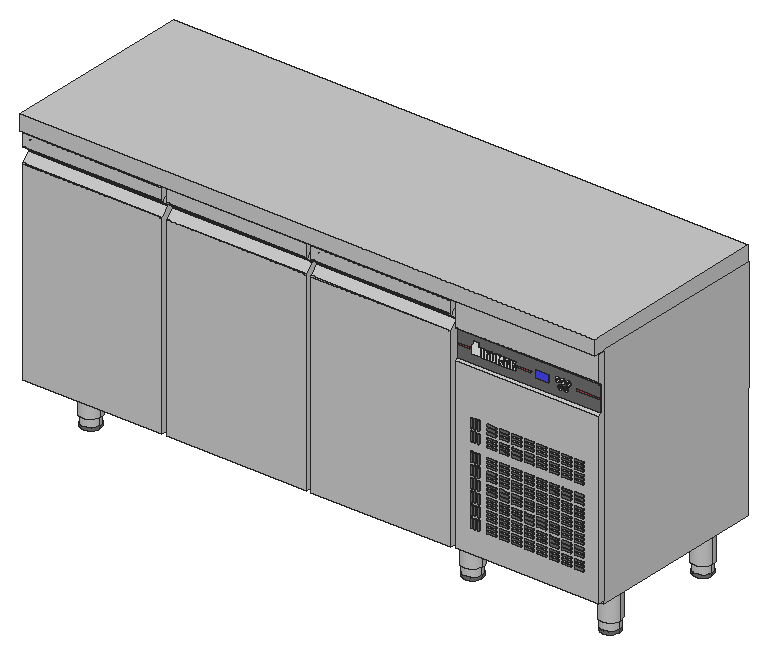
Revit family "QF_INOMAK_PMRP999_250528101708", category Specialty Equipment, Revit 2021 (continued)
Definition of nested family "QF_INOMAK_REF_COUNTERS_DOORS_DRAWERS_26161"
  Definition of nested family "3_Drawers_1-3"
    Automatic sketch dimensions
      Extrusion 6 sketch curve to Extrusion 6 sketch curve = 11.91 mm
      Extrusion 6 sketch curve to Extrusion 6 sketch curve = 2.243 mm
      Extrusion 6 sketch curve to Extrusion 6 sketch curve = 2.385 mm
      Extrusion 6 sketch curve to Extrusion 6 sketch curve = 20.119 mm
      plane 19 to Extrusion 6 sketch curve = 89.302 mm
      Extrusion 6 sketch curve to Extrusion 6 sketch curve = 22.822 mm
      Extrusion 6 sketch curve to Extrusion 6 sketch curve = 23.985 mm
      Extrusion 6 sketch curve to Extrusion 6 sketch curve = 6.919 mm
  Definition of nested family "2_Drawers_1-2"
    Parameters (values of type "2 Drawers 1-2")
      URL = "www.specifiglobal.com"
      Top inset [instance] = 4 mm
      Right panel thickness [instance] = 35 mm
      Rear inset [instance] = 10 mm
      Plinth height [instance] = 150 mm
      Model = ""
      Manufacturer = "DEMO CONSULTANT"
      Length Actual [instance] = 1200 mm
      Left panel thickness [instance] = 35 mm
      Height Actual [instance] = 900 mm
      Front inset [instance] = 10 mm
      Finish = none
      Doors drawers type [instance] = 4
      Description = ""
      Depth Actual [instance] = 700 mm
      Default Elevation = 0 mm
      Bottom inset [instance] = 4 mm
      Assembly Code = "E1090320"
      2 Drawers [instance] = Doors drawers type = 4  # yes
    Reference planes
      plane 1 "Back": y = 0
      plane 2: z = 0
      plane 3 "Left": x = 0
      plane 4 "Right": x = 1200
      plane 5 "Front": y = -700
      plane 6 "Top": z = 1050
      plane 7 "Front legs": y = -690
      plane 8 "Legs top": z = 150
      plane 9 "Backsplash thickness": y = -10
      plane 10 "Left panel": x = 35
      plane 11 "Right panel": x = 1165
      plane 12: z = 600
      plane 13: z = 1046
      plane 14: z = 602
      plane 15: z = 598
      plane 16: z = 154
    Forms (mm)
      Extrusion 1, solid, material <- "Finish", visible <- "2 Drawers"
        sketch origin (35, 0, 0) x (0, -1, 0) y (0, 0, 1)
          loop
            line (690, 602) -> (690, 960.365)
            arc (690, 960.365) -> (689.866, 961.037) -> (689.485, 961.607) r 1.757
            line (689.485, 961.607) -> (666.663, 984.429)
            arc (666.663, 984.429) -> (665.976, 985.458) -> (665.734, 986.672) r 3.172
            line (665.734, 986.672) -> (665.734, 1013.576)
            arc (665.734, 1013.576) -> (666.433, 1015.262) -> (668.119, 1015.961) r 2.385
            line (668.119, 1015.961) -> (680.029, 1015.961) -> (686.544, 1006.657)
            arc (686.544, 1006.657) -> (688.671, 1005.935) -> (690, 1007.747) r 1.9
            line (690, 1007.747) -> (690, 1046) -> (648, 1046) -> (648, 602) -> (690, 602)
        from 0 to -1130
      Extrusion 2, solid, visible <- "2 Drawers", detail levels coarse
        sketch origin (0, -640.463, 602) x (0, 1, 0) y (-1, 0, 0)
          loop
            line (-49.537, -35) -> (-624.537, -35) -> (-624.537, -1165) -> (-49.537, -1165) -> (-49.537, -35)
        from 0 to 444
      Extrusion 3, solid, visible <- "2 Drawers", detail levels coarse
        sketch origin (0, -700, 154) x (-1, 0, 0) y (0, 1, 0)
          loop
            line (-35, 10) -> (-1165, 10) -> (-1165, -565) -> (-35, -565) -> (-35, 10)
        from 0 to -444
      Extrusion 4, solid, material <- "Finish", visible <- "2 Drawers"
        sketch origin (35, 0, -441.333) x (0, -1, 0) y (0, 0, 1)
          loop
            line (690, 595.333) -> (690, 953.698)
            arc (690, 953.698) -> (689.866, 954.37) -> (689.485, 954.94) r 1.757
            line (689.485, 954.94) -> (666.663, 977.763)
            arc (666.663, 977.763) -> (665.976, 978.792) -> (665.734, 980.006) r 3.172
            line (665.734, 980.006) -> (665.734, 1006.909)
            arc (665.734, 1006.909) -> (666.433, 1008.596) -> (668.119, 1009.294) r 2.385
            line (668.119, 1009.294) -> (680.029, 1009.294) -> (686.544, 999.991)
            arc (686.544, 999.991) -> (688.671, 999.268) -> (690, 1001.08) r 1.9
            line (690, 1001.08) -> (690, 1039.333) -> (648, 1039.333) -> (648, 595.333) -> (690, 595.333)
        from 0 to -1130
    Lines and regions (mm)
      symbolic lines, visible <- "2 Drawers"
        curve 1: line (35, -940, 900) -> (35, -980, 900)
        curve 2: line (35, -980, 900) -> (1165, -980, 900)
        curve 3: line (1165, -980, 900) -> (1165, -940, 900)
        curve 4: line (1165, -940, 900) -> (35, -940, 900)
        curve 5: line (1135, -940, 900) -> (1135, -700, 900)
        curve 6: line (65, -940, 900) -> (65, -700, 900)
        curve 7: line (35, -1225, 900) -> (35, -1265, 900)
        curve 8: line (35, -1265, 900) -> (1165, -1265, 900)
        curve 9: line (1165, -1265, 900) -> (1165, -1225, 900)
        curve 10: line (1165, -1225, 900) -> (35, -1225, 900)
        curve 11: line (1135, -1225, 900) -> (1135, -980, 900)
        curve 12: line (65, -1225, 900) -> (65, -980, 900)
    Dimensions and locks
      "Length Actual": plane 3 "Left" to plane 4 "Right"
      "Depth Actual": plane 5 "Front" to plane 1 "Back"
      "Height Actual": plane 6 "Top" to plane 8 "Legs top"
      "Front inset": plane 7 "Front legs" to plane 5 "Front"
      "Plinth height": plane 8 "Legs top" to plane 2
      "Rear inset": plane 9 "Backsplash thickness" to plane 1 "Back"
      "Right panel thickness": plane 11 "Right panel" to plane 4 "Right"
      "Left panel thickness": plane 3 "Left" to plane 10 "Left panel"
      "Top inset": plane 6 "Top" to plane 13
      "Bottom inset": plane 16 to plane 8 "Legs top"
      equal spacing: plane 16, plane 12, plane 13
      locked: plane 14 to plane 12 at 2
      locked: plane 15 to plane 12 at 2
      aligned and locked: level to plane 2
      aligned and locked: Extrusion 1 to plane 11 "Right panel"
      aligned and locked: plane 10 "Left panel" to curve 1
      aligned and locked: plane 10 "Left panel" to curve 7
      aligned and locked: Extrusion 2 sketch curve to plane 10 "Left panel"
      aligned and locked: plane 11 "Right panel" to Extrusion 2 sketch curve
      aligned and locked: Extrusion 3 sketch curve to plane 10 "Left panel"
      aligned and locked: plane 11 "Right panel" to Extrusion 3 sketch curve
      aligned and locked: Extrusion 2 to plane 13
      aligned and locked: Extrusion 4 to plane 11 "Right panel"
      aligned and locked: Extrusion 3 to plane 15
      aligned and locked: Extrusion 1 sketch curve to plane 13
      aligned and locked: Extrusion 1 sketch curve to plane 7 "Front legs"
      aligned and locked: plane 14 to Extrusion 1 sketch curve
      aligned and locked: Extrusion 4 sketch curve to plane 15
      aligned and locked: Extrusion 4 sketch curve to plane 7 "Front legs"
      aligned and locked: Extrusion 4 sketch curve to plane 16
    Automatic sketch dimensions
      Extrusion 2 sketch curve to plane 7 "Front legs" = 0 mm
      Extrusion 2 sketch curve to plane 5 "Front" = 565 mm
      Extrusion 3 sketch curve to plane 7 "Front legs" = 0 mm
      Extrusion 3 sketch curve to plane 5 "Front" = 565 mm
      curve 9 to plane 11 "Right panel" = 0 mm
      curve 2 to plane 11 "Right panel" = 0 mm
      curve 5 to plane 5 "Front" = 0 mm
      curve 6 to plane 5 "Front" = 0 mm
      curve 1 to plane 5 "Front" = 240 mm
      curve 3 to curve 3 = 40 mm
      curve 7 to curve 1 = 245 mm
      curve 8 to curve 9 = 40 mm
      plane 11 "Right panel" to curve 5 = 30 mm
      curve 2 to curve 11 = 30 mm
      curve 6 to plane 10 "Left panel" = 30 mm
      curve 12 to plane 10 "Left panel" = 30 mm
      Extrusion 1 sketch curve to Extrusion 1 sketch curve = 17.734 mm
      Extrusion 1 sketch curve to Extrusion 1 sketch curve = 0.929 mm
      Extrusion 1 sketch curve to Extrusion 1 sketch curve = 2.385 mm
      Extrusion 1 sketch curve to Extrusion 1 sketch curve = 3.172 mm
      Extrusion 1 sketch curve to Extrusion 1 sketch curve = 11.91 mm
      Extrusion 1 sketch curve to Extrusion 1 sketch curve = 6.515 mm
      Extrusion 1 sketch curve to Extrusion 1 sketch curve = 1.556 mm
      Extrusion 1 sketch curve to Extrusion 1 sketch curve = 21.58 mm
      Extrusion 1 sketch curve to Extrusion 1 sketch curve = 1.242 mm
      Extrusion 1 sketch curve to Extrusion 1 sketch curve = 1.9 mm
      Extrusion 1 sketch curve to Extrusion 1 sketch curve = 0.515 mm
      Extrusion 1 sketch curve to Extrusion 1 sketch curve = 22.822 mm
      Extrusion 1 sketch curve to Extrusion 1 sketch curve = 19.985 mm
      Extrusion 1 sketch curve to Extrusion 1 sketch curve = 6.919 mm
      Extrusion 1 sketch curve to Extrusion 1 sketch curve = 30.039 mm
      Extrusion 4 sketch curve to plane 7 "Front legs" = 0 mm
      plane 7 "Front legs" to Extrusion 4 sketch curve = 0.515 mm
      plane 7 "Front legs" to Extrusion 4 sketch curve = 1.757 mm
      plane 7 "Front legs" to Extrusion 4 sketch curve = 1.9 mm
      Extrusion 4 sketch curve to Extrusion 4 sketch curve = 1.556 mm
      plane 7 "Front legs" to Extrusion 4 sketch curve = 9.971 mm
      plane 7 "Front legs" to Extrusion 4 sketch curve = 21.094 mm
      Extrusion 4 sketch curve to Extrusion 4 sketch curve = 11.91 mm
      Extrusion 4 sketch curve to Extrusion 4 sketch curve = 2.243 mm
      Extrusion 4 sketch curve to Extrusion 4 sketch curve = 2.385 mm
      Extrusion 4 sketch curve to Extrusion 4 sketch curve = 20.119 mm
      Extrusion 4 sketch curve to Extrusion 4 sketch curve = 22.822 mm
      Extrusion 4 sketch curve to Extrusion 4 sketch curve = 19.985 mm
      Extrusion 4 sketch curve to Extrusion 4 sketch curve = 6.919 mm
      Extrusion 4 sketch curve to Extrusion 4 sketch curve = 30.039 mm
  Definition of nested family "2_Drawers_1-3_2-3"
    Parameters (values of type "2 Drawers 1-3 and 2-3")
      URL = "www.specifiglobal.com"
      Top inset [instance] = 4 mm
      Right panel thickness [instance] = 35 mm
      Rear inset [instance] = 10 mm
      Plinth height [instance] = 150 mm
      Model = ""
      Manufacturer = "DEMO CONSULTANT"
      Length Actual [instance] = 1200 mm
      Left panel thickness [instance] = 35 mm
      Height Actual [instance] = 900 mm
      Front inset [instance] = 10 mm
      Finish = none
      Doors drawers type [instance] = 5
      Description = ""
      Depth Actual [instance] = 700 mm
      Default Elevation = 0 mm
      Bottom inset [instance] = 4 mm
      Assembly Code = "E1090320"
      2 Drawers 1-3 and 2-3 [instance] = Doors drawers type = 5  # yes
    Reference planes
      plane 1 "Back": y = 0
      plane 2: z = 0
      plane 3 "Left": x = 0
      plane 4 "Right": x = 1200
      plane 5 "Front": y = -700
      plane 6 "Top": z = 1050
      plane 7 "Front legs": y = -690
      plane 8 "Legs top": z = 150
      plane 9 "Backsplash thickness": y = -10
      plane 10 "Left panel": x = 35
      plane 11 "Right panel": x = 1165
      plane 12: z = 1046
      plane 13: z = 751.833
      plane 14: z = 746.833
      plane 15: z = 154
      plane 16: z = 450.667
      plane 17: z = 152
      plane 18: z = 1048
      plane 19: z = 749.333
    Forms (mm)
      Extrusion 1, solid, material <- "Finish", visible <- "2 Drawers 1-3 and 2-3"
        sketch origin (35, 0, 0) x (0, -1, 0) y (0, 0, 1)
          loop
            line (690, 751.833) -> (690, 960.365)
            arc (690, 960.365) -> (689.866, 961.037) -> (689.485, 961.607) r 1.757
            line (689.485, 961.607) -> (666.663, 984.429)
            arc (666.663, 984.429) -> (665.976, 985.458) -> (665.734, 986.672) r 3.172
            line (665.734, 986.672) -> (665.734, 1013.576)
            arc (665.734, 1013.576) -> (666.433, 1015.262) -> (668.119, 1015.961) r 2.385
            line (668.119, 1015.961) -> (680.029, 1015.961) -> (686.544, 1006.657)
            arc (686.544, 1006.657) -> (688.671, 1005.935) -> (690, 1007.747) r 1.9
            line (690, 1007.747) -> (690, 1046) -> (648, 1046) -> (648, 751.833) -> (690, 751.833)
        from 0 to -1130
      Extrusion 2, solid, visible <- "2 Drawers 1-3 and 2-3", detail levels coarse
        sketch origin (0, -640.463, 751.833) x (0, 1, 0) y (-1, 0, 0)
          loop
            line (-49.537, -35) -> (-624.537, -35) -> (-624.537, -1165) -> (-49.537, -1165) -> (-49.537, -35)
        from 0 to 294.167
      Extrusion 3, solid, visible <- "2 Drawers 1-3 and 2-3", detail levels coarse
        sketch origin (0, -700, 154) x (-1, 0, 0) y (0, 1, 0)
          loop
            line (-35, 10) -> (-1165, 10) -> (-1165, -565) -> (-35, -565) -> (-35, 10)
        from 0 to -592.833
      Extrusion 4, solid, material <- "Finish", visible <- "2 Drawers 1-3 and 2-3"
        sketch origin (35, 0, -441.333) x (0, -1, 0) y (0, 0, 1)
          loop
            line (690, 595.333) -> (690, 1101.698)
            arc (690, 1101.698) -> (689.866, 1102.37) -> (689.485, 1102.94) r 1.757
            line (689.485, 1102.94) -> (666.663, 1126.596)
            arc (666.663, 1126.596) -> (665.976, 1127.625) -> (665.734, 1128.839) r 3.172
            line (665.734, 1128.839) -> (665.734, 1155.743)
            arc (665.734, 1155.743) -> (666.433, 1157.429) -> (668.119, 1158.128) r 2.385
            line (668.119, 1158.128) -> (680.029, 1158.128) -> (686.544, 1148.824)
            arc (686.544, 1148.824) -> (688.671, 1148.102) -> (690, 1149.914) r 1.9
            line (690, 1149.914) -> (690, 1188.167) -> (648, 1188.167) -> (648, 595.333) -> (690, 595.333)
        from 0 to -1130
    Lines and regions (mm)
      symbolic lines, visible <- "2 Drawers 1-3 and 2-3"
        curve 1: line (35, -1000, 900) -> (35, -1040, 900)
        curve 2: line (35, -1040, 900) -> (1165, -1040, 900)
        curve 3: line (1165, -1040, 900) -> (1165, -1000, 900)
        curve 4: line (1165, -1000, 900) -> (35, -1000, 900)
        curve 5: line (1135, -1000, 900) -> (1135, -700, 900)
        curve 6: line (65, -1000, 900) -> (65, -700, 900)
        curve 7: line (35, -1225, 900) -> (35, -1265, 900)
        curve 8: line (35, -1265, 900) -> (1165, -1265, 900)
        curve 9: line (1165, -1265, 900) -> (1165, -1225, 900)
        curve 10: line (1165, -1225, 900) -> (35, -1225, 900)
        curve 11: line (1135, -1225, 900) -> (1135, -1040, 900)
        curve 12: line (65, -1225, 900) -> (65, -1040, 900)
    Dimensions and locks
      "Length Actual": plane 3 "Left" to plane 4 "Right"
      "Depth Actual": plane 5 "Front" to plane 1 "Back"
      "Height Actual": plane 6 "Top" to plane 8 "Legs top"
      "Front inset": plane 7 "Front legs" to plane 5 "Front"
      "Plinth height": plane 8 "Legs top" to plane 2
      "Rear inset": plane 9 "Backsplash thickness" to plane 1 "Back"
      "Right panel thickness": plane 11 "Right panel" to plane 4 "Right"
      "Left panel thickness": plane 3 "Left" to plane 10 "Left panel"
      "Top inset": plane 6 "Top" to plane 12
      locked: plane 13 to plane 14 at 5
      "Bottom inset": plane 15 to plane 8 "Legs top"
      equal spacing: plane 17, plane 16, plane 19, plane 18
      equal spacing: plane 12, plane 18, plane 6 "Top"
      equal spacing: plane 14, plane 19, plane 13
      equal spacing: plane 15, plane 17, plane 8 "Legs top"
      aligned and locked: level to plane 2
      aligned and locked: Extrusion 1 to plane 11 "Right panel"
      aligned and locked: plane 10 "Left panel" to curve 1
      aligned and locked: plane 10 "Left panel" to curve 7
      aligned and locked: Extrusion 2 sketch curve to plane 10 "Left panel"
      aligned and locked: plane 11 "Right panel" to Extrusion 2 sketch curve
      aligned and locked: Extrusion 3 sketch curve to plane 10 "Left panel"
      aligned and locked: plane 11 "Right panel" to Extrusion 3 sketch curve
      aligned and locked: Extrusion 2 to plane 12
      aligned and locked: Extrusion 4 to plane 11 "Right panel"
      aligned and locked: Extrusion 3 to plane 14
      aligned and locked: plane 13 to Extrusion 1 sketch curve
      aligned and locked: Extrusion 2 to Extrusion 1 sketch curve
      aligned and locked: Extrusion 3 to Extrusion 4 sketch curve
      aligned and locked: Extrusion 4 sketch curve to Extrusion 3  (x2)
      aligned and locked: Extrusion 1 sketch curve to plane 7 "Front legs"
    Automatic sketch dimensions
      Extrusion 2 sketch curve to plane 7 "Front legs" = 0 mm
      Extrusion 2 sketch curve to plane 5 "Front" = 565 mm
      Extrusion 3 sketch curve to plane 7 "Front legs" = 0 mm
      Extrusion 3 sketch curve to plane 5 "Front" = 565 mm
      curve 9 to plane 11 "Right panel" = 0 mm
      curve 2 to plane 11 "Right panel" = 0 mm
      curve 5 to plane 5 "Front" = 0 mm
      curve 6 to plane 5 "Front" = 0 mm
      curve 1 to plane 5 "Front" = 300 mm
      curve 3 to curve 3 = 40 mm
      curve 7 to curve 1 = 185 mm
      curve 8 to curve 9 = 40 mm
      plane 11 "Right panel" to curve 5 = 30 mm
      curve 11 to curve 5 = 0 mm
      curve 6 to plane 10 "Left panel" = 30 mm
      curve 12 to curve 6 = 0 mm
      Extrusion 1 sketch curve to plane 7 "Front legs" = 0 mm
      plane 7 "Front legs" to Extrusion 1 sketch curve = 0.515 mm
      plane 7 "Front legs" to Extrusion 1 sketch curve = 1.757 mm
      plane 7 "Front legs" to Extrusion 1 sketch curve = 1.9 mm
      Extrusion 1 sketch curve to Extrusion 1 sketch curve = 1.556 mm
      plane 7 "Front legs" to Extrusion 1 sketch curve = 9.971 mm
      plane 7 "Front legs" to Extrusion 1 sketch curve = 21.094 mm
      Extrusion 1 sketch curve to Extrusion 1 sketch curve = 11.91 mm
      Extrusion 1 sketch curve to Extrusion 1 sketch curve = 2.243 mm
      Extrusion 1 sketch curve to Extrusion 1 sketch curve = 2.385 mm
      Extrusion 1 sketch curve to Extrusion 1 sketch curve = 20.119 mm
      plane 12 to Extrusion 1 sketch curve = 85.635 mm
      Extrusion 1 sketch curve to Extrusion 1 sketch curve = 22.822 mm
      Extrusion 1 sketch curve to Extrusion 1 sketch curve = 19.985 mm
      Extrusion 1 sketch curve to Extrusion 1 sketch curve = 6.919 mm
      plane 12 to Extrusion 1 sketch curve = 0 mm
      Extrusion 4 sketch curve to plane 7 "Front legs" = 0 mm
      plane 7 "Front legs" to Extrusion 4 sketch curve = 0.515 mm
      plane 7 "Front legs" to Extrusion 4 sketch curve = 1.9 mm
      Extrusion 4 sketch curve to Extrusion 4 sketch curve = 1.556 mm
      plane 7 "Front legs" to Extrusion 4 sketch curve = 9.971 mm
      plane 7 "Front legs" to Extrusion 4 sketch curve = 21.094 mm
      Extrusion 4 sketch curve to Extrusion 4 sketch curve = 11.91 mm
      Extrusion 4 sketch curve to Extrusion 4 sketch curve = 2.243 mm
      Extrusion 4 sketch curve to Extrusion 4 sketch curve = 2.385 mm
      Extrusion 4 sketch curve to Extrusion 4 sketch curve = 20.119 mm
      Extrusion 4 sketch curve to Extrusion 4 sketch curve = 86.469 mm
      Extrusion 4 sketch curve to Extrusion 4 sketch curve = 23.656 mm
      Extrusion 4 sketch curve to Extrusion 4 sketch curve = 19.985 mm
      Extrusion 4 sketch curve to Extrusion 4 sketch curve = 6.919 mm
      plane 7 "Front legs" to Extrusion 4 sketch curve = 1.757 mm
  Definition of nested family "Sliding_Doors"
    Parameters (values of type "Sliding doors")
      URL = "www.specifiglobal.com"
      Top inset [instance] = 4 mm
      Sliding doors [instance] = Doors drawers type = 2  # yes
      Right panel thickness [instance] = 35 mm
      Rear inset [instance] = 10 mm
      Plinth height [instance] = 150 mm
      Model = ""
      Manufacturer = "DEMO CONSULTANT"
      Length Actual [instance] = 1200 mm
      Left panel thickness [instance] = 35 mm
      Height Actual [instance] = 900 mm
      Front inset [instance] = 10 mm
      Finish [instance] = none
      Doors drawers type [instance] = 2
      Description = ""
      Depth Actual [instance] = 700 mm
      Default Elevation = 0 mm
      Bottom inset [instance] = 4 mm
      Assembly Code = "E1090320"
    Reference planes
      plane 1 "Back": y = 0
      plane 2: z = 0
      plane 3 "Left": x = 0
      plane 4 "Right": x = 1200
      plane 5 "Front": y = -700
      plane 6 "Top": z = 1050
      plane 7 "Front legs": y = -690
      plane 8 "Legs top": z = 150
      plane 9 "Backsplash thickness": y = -10
      plane 10: x = 35
      plane 11: x = 1165
      plane 12 "Center Left-Right": x = 600
      plane 13: z = 154
      plane 14: z = 1046
    Forms (mm)
      Extrusion 1, solid, material <- "Finish", visible <- "Sliding doors"
        sketch origin (0, -690, 154) x (-1, 0, 0) y (0, 1, 0)
          loop
            line (-35, 10) -> (-35, 20) -> (-620, 20) -> (-620, 0) -> (-91.156, 0)
            arc (-91.156, 0) -> (-85.272, 0.885) -> (-79.91, 3.461) r 20
            line (-79.91, 3.461) -> (-60, 17) -> (-38, 17) -> (-38, 10)
            arc (-38, 10) -> (-40.05, 5.05) -> (-45, 3) r 7
            line (-45, 3) -> (-50.012, 3) -> (-50.012, 0) -> (-45, 0)
            arc (-45, 0) -> (-37.929, 2.929) -> (-35, 10) r 10
        from 0 to -892
      Extrusion 2, solid, material <- "Finish", visible <- "Sliding doors"
        sketch origin (0, -689, 154) x (-1, 0, 0) y (0, 1, 0)
          loop
            arc (-1065, 30) -> (-1062.071, 22.929) -> (-1055, 20) r 10
            line (-1055, 20) -> (-1049.988, 20) -> (-1049.988, 23) -> (-1055, 23)
            arc (-1055, 23) -> (-1059.95, 25.05) -> (-1062, 30) r 7
            line (-1062, 30) -> (-1062, 37) -> (-1040, 37) -> (-1020.09, 23.461)
            arc (-1020.09, 23.461) -> (-1014.728, 20.885) -> (-1008.844, 20) r 20
            line (-1008.844, 20) -> (-480, 20) -> (-480, 40) -> (-1065, 40) -> (-1065, 30)
        from 0 to -892
    Lines and regions (mm)
      symbolic lines, visible <- "Sliding doors"
        curve 1: line (1065, -649, 150) -> (480, -649, 150)
        curve 2: line (1065, -669, 150) -> (1065, -649, 150)
        curve 3: line (480, -669, 150) -> (1065, -669, 150)
        curve 4: line (480, -649, 150) -> (480, -669, 150)
        curve 5: line (620, -690, 150) -> (35, -690, 150)
        curve 6: line (620, -670, 150) -> (620, -690, 150)
        curve 7: line (35, -670, 150) -> (620, -670, 150)
        curve 8: line (35, -690, 150) -> (35, -670, 150)
    Dimensions and locks
      "Length Actual": plane 3 "Left" to plane 4 "Right"
      "Depth Actual": plane 5 "Front" to plane 1 "Back"
      "Height Actual": plane 6 "Top" to plane 8 "Legs top"
      "Front inset": plane 7 "Front legs" to plane 5 "Front"
      "Plinth height": plane 8 "Legs top" to plane 2
      "Rear inset": plane 9 "Backsplash thickness" to plane 1 "Back"
      "Right panel thickness": plane 11 to plane 4 "Right"
      "Left panel thickness": plane 3 "Left" to plane 10
      equal spacing: plane 10, plane 12 "Center Left-Right", plane 11
      "Top inset": plane 6 "Top" to plane 14
      "Bottom inset": plane 13 to plane 8 "Legs top"
      locked: plane 12 "Center Left-Right" to curve 4 at 120
      locked: plane 12 "Center Left-Right" to curve 5 at 20
      locked: plane 11 to curve 1 at 100
      aligned and locked: level to plane 2
      aligned and locked: Extrusion 1 sketch curve to plane 7 "Front legs"
      aligned and locked: Extrusion 1 sketch curve to plane 10
      aligned and locked: Extrusion 1 to plane 14
      aligned and locked: Extrusion 2 to plane 14
      aligned and locked: curve 8 to plane 10
    Automatic sketch dimensions
      Extrusion 2 sketch curve to Extrusion 2 sketch curve = 0 mm  (x2)
      plane 11 to Extrusion 2 sketch curve = 100 mm
      Extrusion 2 sketch curve to Extrusion 2 sketch curve = 3 mm
      Extrusion 2 sketch curve to Extrusion 2 sketch curve = 7 mm  (x2)
      Extrusion 2 sketch curve to Extrusion 2 sketch curve = 5.012 mm
      plane 7 "Front legs" to Extrusion 2 sketch curve = 38 mm
      Extrusion 2 sketch curve to Extrusion 2 sketch curve = 15 mm
      plane 7 "Front legs" to Extrusion 2 sketch curve = 24.461 mm
      Extrusion 2 sketch curve to Extrusion 2 sketch curve = 19.91 mm
      Extrusion 2 sketch curve to Extrusion 2 sketch curve = 11.246 mm
      Extrusion 2 sketch curve to plane 12 "Center Left-Right" = 120 mm
      Extrusion 2 sketch curve to Extrusion 2 sketch curve = 16.539 mm
      Extrusion 2 sketch curve to Extrusion 2 sketch curve = 20 mm
      Extrusion 1 sketch curve to Extrusion 1 sketch curve = 0 mm  (x2)
      Extrusion 1 sketch curve to plane 7 "Front legs" = 0 mm
      Extrusion 1 sketch curve to plane 10 = 3 mm
      Extrusion 1 sketch curve to Extrusion 1 sketch curve = 7 mm
      Extrusion 1 sketch curve to Extrusion 1 sketch curve = 5.012 mm
      Extrusion 1 sketch curve to Extrusion 1 sketch curve = 15 mm
      plane 7 "Front legs" to Extrusion 1 sketch curve = 3.461 mm
      Extrusion 1 sketch curve to Extrusion 1 sketch curve = 19.91 mm
      Extrusion 1 sketch curve to Extrusion 1 sketch curve = 11.246 mm
      plane 12 "Center Left-Right" to Extrusion 1 sketch curve = 20 mm
      Extrusion 1 sketch curve to Extrusion 1 sketch curve = 20 mm
      Extrusion 1 sketch curve to Extrusion 1 sketch curve = 3 mm
      curve 8 to plane 7 "Front legs" = 0 mm
      curve 5 to curve 6 = 20 mm
      plane 7 "Front legs" to curve 2 = 21 mm
      curve 2 to curve 2 = 20 mm
  Definition of nested family "4_Drawers_1-4"
    Parameters (values of type "4 Drawers 1-4")
      URL = "www.specifiglobal.com"
      Top inset [instance] = 4 mm
      Right panel thickness [instance] = 35 mm
      Rear inset [instance] = 10 mm
      Plinth height [instance] = 150 mm
      Model = ""
      Manufacturer = "DEMO CONSULTANT"
      Length Actual [instance] = 1200 mm
      Left panel thickness [instance] = 35 mm
      Height Actual [instance] = 900 mm
      Front inset [instance] = 10 mm
      Finish [instance] = none
      Doors drawers type [instance] = 7
      Description = ""
      Depth Actual [instance] = 700 mm
      Default Elevation = 0 mm
      Bottom inset [instance] = 4 mm
      Assembly Code = "E1090320"
      4 Drawers [instance] = Doors drawers type = 7  # yes
    Reference planes
      plane 1 "Back": y = 0
      plane 2: z = 0
      plane 3 "Left": x = 0
      plane 4 "Right": x = 1200
      plane 5 "Front": y = -700
      plane 6 "Top": z = 1050
      plane 7 "Front legs": y = -690
      plane 8 "Legs top": z = 150
      plane 9 "Backsplash thickness": y = -10
      plane 10 "Left panel": x = 35
      plane 11 "Right panel": x = 1165
      plane 12: z = 824.25
      plane 13: z = 1046
      plane 14: z = 826.083
      plane 15: z = 822.417
      plane 16: z = 1048.5
      plane 17: z = 375.75
      plane 18: z = 377.917
      plane 19: z = 373.583
      plane 20: z = 154
      plane 21: z = 151.5
      plane 22: z = 600
      plane 23: z = 601.833
      plane 24: z = 598.167
    Forms (mm)
      Extrusion 1, solid, material <- "Finish", visible <- "4 Drawers"
        sketch origin (35, 0, -1) x (0, -1, 0) y (0, 0, 1)
          loop
            line (680, 1047) -> (670, 1047) -> (670, 827.083) -> (690, 827.083) -> (690, 990.844)
            arc (690, 990.844) -> (689.115, 996.728) -> (686.539, 1002.09) r 20
            line (686.539, 1002.09) -> (673, 1022) -> (673, 1044) -> (680, 1044)
            arc (680, 1044) -> (684.95, 1041.95) -> (687, 1037) r 7
            line (687, 1037) -> (687, 1031.988) -> (690, 1031.988) -> (690, 1037)
            arc (690, 1037) -> (687.071, 1044.071) -> (680, 1047) r 10
        from 0 to -1130
      Extrusion 2, solid, visible <- "4 Drawers", detail levels coarse
        sketch origin (0, -640.463, 826.083) x (0, 1, 0) y (-1, 0, 0)
          loop
            line (-49.537, -35) -> (-624.537, -35) -> (-624.537, -1165) -> (-49.537, -1165) -> (-49.537, -35)
        from 0 to 219.917
      Extrusion 3, solid, visible <- "4 Drawers", detail levels coarse
        sketch origin (0, -700, 154) x (-1, 0, 0) y (0, 1, 0)
          loop
            line (-35, 10) -> (-1165, 10) -> (-1165, -565) -> (-35, -565) -> (-35, 10)
        from 0 to -219.583
      Extrusion 4, solid, material <- "Finish", visible <- "4 Drawers"
        sketch origin (35, 0, -440.333) x (0, -1, 0) y (0, 0, 1)
          loop
            line (680, 813.917) -> (670, 813.917) -> (670, 594.333) -> (690, 594.333) -> (690, 757.761)
            arc (690, 757.761) -> (689.115, 763.644) -> (686.539, 769.007) r 20
            line (686.539, 769.007) -> (673, 788.917) -> (673, 810.917) -> (680, 810.917)
            arc (680, 810.917) -> (684.95, 808.866) -> (687, 803.917) r 7
            line (687, 803.917) -> (687, 798.904) -> (690, 798.904) -> (690, 803.917)
            arc (690, 803.917) -> (687.071, 810.988) -> (680, 813.917) r 10
        from 0 to -1130
      Extrusion 5, solid, material <- "Finish", visible <- "4 Drawers"
        sketch origin (35, 0, -165.333) x (0, -1, 0) y (0, 0, 1)
          loop
            line (680, 987.75) -> (670, 987.75) -> (670, 767.167) -> (690, 767.167) -> (690, 931.594)
            arc (690, 931.594) -> (689.115, 937.478) -> (686.539, 942.84) r 20
            line (686.539, 942.84) -> (673, 962.75) -> (673, 984.75) -> (680, 984.75)
            arc (680, 984.75) -> (684.95, 982.7) -> (687, 977.75) r 7
            line (687, 977.75) -> (687, 972.738) -> (690, 972.738) -> (690, 977.75)
            arc (690, 977.75) -> (687.071, 984.821) -> (680, 987.75) r 10
        from 0 to -1130
      Extrusion 6, solid, material <- "Finish", visible <- "4 Drawers"
        sketch origin (35, 0, -330.333) x (0, -1, 0) y (0, 0, 1)
          loop
            line (680, 928.5) -> (670, 928.5) -> (670, 708.25) -> (690, 708.25) -> (690, 872.344)
            arc (690, 872.344) -> (689.115, 878.228) -> (686.539, 883.59) r 20
            line (686.539, 883.59) -> (673, 903.5) -> (673, 925.5) -> (680, 925.5)
            arc (680, 925.5) -> (684.95, 923.45) -> (687, 918.5) r 7
            line (687, 918.5) -> (687, 913.488) -> (690, 913.488) -> (690, 918.5)
            arc (690, 918.5) -> (687.071, 925.571) -> (680, 928.5) r 10
        from 0 to -1130
      Extrusion 7, solid, visible <- "4 Drawers", detail levels coarse
        sketch origin (0, -500.463, 601.833) x (0, 1, 0) y (-1, 0, 0)
          loop
            line (-189.537, -35) -> (-764.537, -35) -> (-764.537, -1165) -> (-189.537, -1165) -> (-189.537, -35)
        from 0 to 220.583
      Extrusion 8, solid, visible <- "4 Drawers", detail levels coarse
        sketch origin (0, -540.463, 377.917) x (0, 1, 0) y (-1, 0, 0)
          loop
            line (-149.537, -35) -> (-724.537, -35) -> (-724.537, -1165) -> (-149.537, -1165) -> (-149.537, -35)
        from 0 to 220.25
    Lines and regions (mm)
      symbolic lines, visible <- "4 Drawers"
        curve 1: line (35, -945, 900) -> (35, -985, 900)
        curve 2: line (35, -985, 900) -> (1165, -985, 900)
        curve 3: line (1165, -985, 900) -> (1165, -945, 900)
        curve 4: line (1165, -945, 900) -> (35, -945, 900)
        curve 5: line (1135, -945, 900) -> (1135, -845, 900)
        curve 6: line (65, -945, 900) -> (65, -845, 900)
        curve 7: line (35, -1085, 900) -> (35, -1125, 900)
        curve 8: line (35, -1125, 900) -> (1165, -1125, 900)
        curve 9: line (1165, -1125, 900) -> (1165, -1085, 900)
        curve 10: line (1165, -1085, 900) -> (35, -1085, 900)
        curve 11: line (1135, -1085, 900) -> (1135, -985, 900)
        curve 12: line (65, -1085, 900) -> (65, -985, 900)
        curve 13: line (35, -1225, 900) -> (35, -1265, 900)
        curve 14: line (35, -1265, 900) -> (1165, -1265, 900)
        curve 15: line (1165, -1265, 900) -> (1165, -1225, 900)
        curve 16: line (1165, -1225, 900) -> (35, -1225, 900)
        curve 17: line (1135, -1225, 900) -> (1135, -1125, 900)
        curve 18: line (65, -1225, 900) -> (65, -1125, 900)
        curve 19: line (35, -805, 900) -> (35, -845, 900)
        curve 20: line (35, -845, 900) -> (1165, -845, 900)
        curve 21: line (1165, -845, 900) -> (1165, -805, 900)
        curve 22: line (1165, -805, 900) -> (35, -805, 900)
        curve 23: line (65, -805, 900) -> (65, -700, 900)
        curve 24: line (1135, -805, 900) -> (1135, -700, 900)
    Dimensions and locks
      "Length Actual": plane 3 "Left" to plane 4 "Right"
      "Depth Actual": plane 5 "Front" to plane 1 "Back"
      "Height Actual": plane 6 "Top" to plane 8 "Legs top"
      "Front inset": plane 7 "Front legs" to plane 5 "Front"
      "Plinth height": plane 8 "Legs top" to plane 2
      "Rear inset": plane 9 "Backsplash thickness" to plane 1 "Back"
      "Right panel thickness": plane 11 "Right panel" to plane 4 "Right"
      "Left panel thickness": plane 3 "Left" to plane 10 "Left panel"
      locked: plane 14 to plane 15 at 3.667
      equal spacing: plane 14, plane 12, plane 15
      locked: plane 23 to plane 24 at 3.667
      equal spacing: plane 23, plane 22, plane 24
      "Bottom inset": plane 20 to plane 8 "Legs top"
      equal spacing: plane 19, plane 17, plane 18
      locked: plane 19 to plane 18 at 4.333
      equal spacing: plane 21, plane 17, plane 22, plane 12, plane 16
      locked: plane 13 to plane 16 at 2.5
      "Top inset": plane 13 to plane 6 "Top"
      locked: plane 21 to plane 20 at 2.5
      aligned and locked: level to plane 2
      aligned and locked: plane 7 "Front legs" to Extrusion 1 sketch curve  (x2)
      aligned and locked: Extrusion 1 to plane 11 "Right panel"
      aligned and locked: Extrusion 1 sketch curve to plane 13
      aligned and locked: Extrusion 1 sketch curve to plane 14
      aligned and locked: plane 10 "Left panel" to curve 1
      aligned and locked: plane 10 "Left panel" to curve 7
      aligned and locked: plane 10 "Left panel" to curve 13
      aligned and locked: Extrusion 2 sketch curve to plane 10 "Left panel"
      aligned and locked: plane 11 "Right panel" to Extrusion 2 sketch curve
      aligned and locked: Extrusion 3 sketch curve to plane 10 "Left panel"
      aligned and locked: plane 11 "Right panel" to Extrusion 3 sketch curve
      aligned and locked: Extrusion 2 to plane 13
      aligned and locked: Extrusion 3 to plane 19
      aligned and locked: plane 20 to Extrusion 4 sketch curve
      aligned and locked: Extrusion 4 to plane 11 "Right panel"
      aligned and locked: Extrusion 5 sketch curve to plane 15
      aligned and locked: plane 7 "Front legs" to Extrusion 5 sketch curve
      aligned and locked: Extrusion 5 sketch curve to plane 23
      aligned and locked: Extrusion 6 sketch curve to plane 24
      aligned and locked: plane 7 "Front legs" to Extrusion 6 sketch curve
      aligned and locked: Extrusion 6 sketch curve to plane 18
      aligned and locked: Extrusion 7 to plane 15
      aligned and locked: Extrusion 8 to plane 24
      aligned and locked: Extrusion 5 to plane 11 "Right panel"
      aligned and locked: Extrusion 6 to plane 11 "Right panel"
    Automatic sketch dimensions
      Extrusion 1 sketch curve to Extrusion 1 sketch curve = 0 mm  (x2)
      plane 7 "Front legs" to Extrusion 1 sketch curve = 3 mm
      plane 7 "Front legs" to Extrusion 1 sketch curve = 3.461 mm
      plane 7 "Front legs" to Extrusion 1 sketch curve = 10 mm
      Extrusion 1 sketch curve to Extrusion 1 sketch curve = 7 mm
      plane 7 "Front legs" to Extrusion 1 sketch curve = 20 mm  (x2)
      Extrusion 1 sketch curve to Extrusion 1 sketch curve = 46.156 mm
      Extrusion 1 sketch curve to Extrusion 1 sketch curve = 15 mm
      Extrusion 1 sketch curve to Extrusion 1 sketch curve = 5.012 mm
      Extrusion 2 sketch curve to plane 7 "Front legs" = 0 mm
      Extrusion 2 sketch curve to plane 5 "Front" = 565 mm
      Extrusion 3 sketch curve to plane 7 "Front legs" = 0 mm
      Extrusion 3 sketch curve to plane 5 "Front" = 565 mm
      Extrusion 5 sketch curve to Extrusion 5 sketch curve = 0 mm  (x2)
      Extrusion 5 sketch curve to plane 7 "Front legs" = 0 mm
      plane 7 "Front legs" to Extrusion 5 sketch curve = 3 mm
      plane 7 "Front legs" to Extrusion 5 sketch curve = 3.461 mm
      plane 7 "Front legs" to Extrusion 5 sketch curve = 10 mm
      Extrusion 5 sketch curve to Extrusion 5 sketch curve = 7 mm
      plane 7 "Front legs" to Extrusion 5 sketch curve = 20 mm  (x2)
      Extrusion 5 sketch curve to Extrusion 5 sketch curve = 46.156 mm
      Extrusion 5 sketch curve to Extrusion 5 sketch curve = 15 mm
      Extrusion 5 sketch curve to Extrusion 5 sketch curve = 5.012 mm
      Extrusion 6 sketch curve to Extrusion 6 sketch curve = 0 mm  (x2)
      Extrusion 6 sketch curve to plane 7 "Front legs" = 0 mm
      plane 7 "Front legs" to Extrusion 6 sketch curve = 3 mm
      plane 7 "Front legs" to Extrusion 6 sketch curve = 3.461 mm
      plane 7 "Front legs" to Extrusion 6 sketch curve = 10 mm
      Extrusion 6 sketch curve to Extrusion 6 sketch curve = 7 mm
      plane 7 "Front legs" to Extrusion 6 sketch curve = 20 mm  (x2)
      Extrusion 6 sketch curve to Extrusion 6 sketch curve = 46.156 mm
      Extrusion 6 sketch curve to Extrusion 6 sketch curve = 15 mm
      Extrusion 6 sketch curve to Extrusion 6 sketch curve = 5.012 mm
      curve 14 to plane 11 "Right panel" = 0 mm
      curve 8 to plane 11 "Right panel" = 0 mm
      curve 2 to plane 11 "Right panel" = 0 mm
      curve 21 to plane 11 "Right panel" = 0 mm
      curve 20 to plane 10 "Left panel" = 0 mm
      curve 23 to plane 5 "Front" = 0 mm
      curve 24 to plane 5 "Front" = 0 mm
      curve 21 to plane 5 "Front" = 105 mm
      curve 20 to curve 21 = 40 mm
      curve 3 to curve 20 = 100 mm
      curve 3 to curve 3 = 40 mm
      curve 10 to curve 1 = 100 mm
      curve 9 to curve 9 = 40 mm
      curve 15 to curve 8 = 100 mm
      curve 15 to curve 15 = 40 mm
      plane 11 "Right panel" to curve 24 = 30 mm
      curve 8 to curve 17 = 30 mm
      curve 11 to curve 17 = 0 mm
      curve 23 to plane 10 "Left panel" = 30 mm
      curve 12 to curve 6 = 0 mm
      curve 18 to curve 12 = 0 mm
      Extrusion 4 sketch curve to Extrusion 4 sketch curve = 0 mm  (x2)
      plane 19 to Extrusion 4 sketch curve = 0 mm
      Extrusion 4 sketch curve to plane 7 "Front legs" = 0 mm  (x2)
      plane 7 "Front legs" to Extrusion 4 sketch curve = 3 mm
      plane 7 "Front legs" to Extrusion 4 sketch curve = 3.461 mm
      plane 7 "Front legs" to Extrusion 4 sketch curve = 10 mm
      Extrusion 4 sketch curve to Extrusion 4 sketch curve = 7 mm
      plane 7 "Front legs" to Extrusion 4 sketch curve = 20 mm  (x2)
      Extrusion 4 sketch curve to Extrusion 4 sketch curve = 46.156 mm
      Extrusion 4 sketch curve to Extrusion 4 sketch curve = 15 mm
      Extrusion 4 sketch curve to Extrusion 4 sketch curve = 5.012 mm
      Extrusion 7 sketch curve to plane 10 "Left panel" = 0 mm
      Extrusion 7 sketch curve to plane 11 "Right panel" = 0 mm
      Extrusion 7 sketch curve to plane 7 "Front legs" = 0 mm
      Extrusion 7 sketch curve to plane 5 "Front" = 565 mm
      Extrusion 8 sketch curve to plane 10 "Left panel" = 0 mm
      Extrusion 8 sketch curve to plane 11 "Right panel" = 0 mm
      Extrusion 8 sketch curve to plane 7 "Front legs" = 0 mm
      Extrusion 8 sketch curve to plane 5 "Front" = 565 mm
      curve 6 to plane 10 "Left panel" = 30 mm
      curve 5 to curve 24 = 0 mm
  Definition of nested family "Hinged_Doors"
    Parameters (values of type "Hinged doors")
      URL = "www.specifiglobal.com"
      Top inset [instance] = 4 mm
      Right panel thickness [instance] = 35 mm
      Rear inset [instance] = 10 mm
      Plinth height [instance] = 150 mm
      Model = ""
      Manufacturer = "DEMO CONSULTANT"
      Length Actual [instance] = 1200 mm
      Left panel thickness [instance] = 35 mm
      Hinged doors [instance] = Doors drawers type = 3  # yes
      Height Actual [instance] = 900 mm
      Front inset [instance] = 10 mm
      Finish [instance] = none
      Doors drawers type [instance] = 3
      Description = ""
      Depth Actual [instance] = 700 mm
      Default Elevation = 0 mm
      Bottom inset [instance] = 4 mm
      Assembly Code = "E1090320"
    Reference planes
      plane 1 "Back": y = 0
      plane 2: z = 0
      plane 3 "Left": x = 0
      plane 4 "Right": x = 1200
      plane 5 "Front": y = -700
      plane 6 "Top": z = 1050
      plane 7 "Front legs": y = -690
      plane 8 "Legs top": z = 150
      plane 9 "Backsplash thickness": y = -10
      plane 10: x = 35
      plane 11: x = 1165
      plane 12 "Center Left-Right": x = 600
      plane 13: x = 597.5
      plane 14: x = 602.5
      plane 15: z = 154
      plane 16: z = 1046
    Forms (mm)
      Extrusion 1, solid, material <- "Finish", visible <- "Hinged doors"
        sketch origin (35, -2307.849, 4000) x (0, -1, 0) y (0, 0, 1)
          loop
            line (-1627.849, -2954) -> (-1637.849, -2954) -> (-1637.849, -3846) -> (-1617.849, -3846) -> (-1617.849, -3010.156)
            arc (-1617.849, -3010.156) -> (-1618.734, -3004.272) -> (-1621.31, -2998.91) r 20
            line (-1621.31, -2998.91) -> (-1634.849, -2979) -> (-1634.849, -2957) -> (-1627.849, -2957)
            arc (-1627.849, -2957) -> (-1622.899, -2959.05) -> (-1620.849, -2964) r 7
            line (-1620.849, -2964) -> (-1620.849, -2969.012) -> (-1617.849, -2969.012) -> (-1617.849, -2964)
            arc (-1617.849, -2964) -> (-1620.778, -2956.929) -> (-1627.849, -2954) r 10
        from 0 to -562.5
      Extrusion 2, solid, visible <- "Hinged doors", detail levels coarse
        sketch origin (0, -700, 154) x (-1, 0, 0) y (0, 1, 0)
          loop
            line (-35, 10) -> (-597.5, 10)
            arc (-597.5, 10) -> (-432.748, -387.748) -> (-35, -552.5) r 562.5
            line (-35, -552.5) -> (-35, 10)
        from 0 to -892
      Extrusion 3, solid, material <- "Finish", visible <- "Hinged doors"
        sketch origin (1165, -2312.576, 4000) x (0, -1, 0) y (0, 0, 1)
          loop
            line (-1632.576, -2954) -> (-1642.576, -2954) -> (-1642.576, -3846) -> (-1622.576, -3846) -> (-1622.576, -3010.156)
            arc (-1622.576, -3010.156) -> (-1623.46, -3004.272) -> (-1626.037, -2998.91) r 20
            line (-1626.037, -2998.91) -> (-1639.576, -2979) -> (-1639.576, -2957) -> (-1632.576, -2957)
            arc (-1632.576, -2957) -> (-1627.626, -2959.05) -> (-1625.576, -2964) r 7
            line (-1625.576, -2964) -> (-1625.576, -2969.012) -> (-1622.576, -2969.012) -> (-1622.576, -2964)
            arc (-1622.576, -2964) -> (-1625.504, -2956.929) -> (-1632.576, -2954) r 10
        from 0 to 562.5
      Extrusion 4, solid, visible <- "Hinged doors", detail levels coarse
        sketch origin (0, -700, 154) x (-1, 0, 0) y (0, 1, 0)
          loop
            line (-1165, 10) -> (-1165, -552.5)
            arc (-1165, -552.5) -> (-767.252, -387.748) -> (-602.5, 10) r 562.5
            line (-602.5, 10) -> (-1165, 10)
        from 0 to -892
    Lines and regions (mm)
      symbolic lines, visible <- "Hinged doors"
        curve 1: line (35, -700, 150) -> (35, -1252.5, 150)
        curve 2: arc (35, -1252.5, 150) -> (429.196, -1091.268, 150) -> (597.411, -700, 150) r 562.5
        curve 3: arc (602.589, -700, 150) -> (770.804, -1091.268, 150) -> (1165, -1252.5, 150) r 562.5
        curve 4: line (1165, -1252.5, 150) -> (1165, -700, 150)
    Dimensions and locks
      "Length Actual": plane 3 "Left" to plane 4 "Right"
      "Depth Actual": plane 5 "Front" to plane 1 "Back"
      "Height Actual": plane 6 "Top" to plane 8 "Legs top"
      "Front inset": plane 7 "Front legs" to plane 5 "Front"
      "Plinth height": plane 8 "Legs top" to plane 2
      "Rear inset": plane 9 "Backsplash thickness" to plane 1 "Back"
      "Right panel thickness": plane 11 to plane 4 "Right"
      "Left panel thickness": plane 3 "Left" to plane 10
      equal spacing: plane 10, plane 12 "Center Left-Right", plane 11
      plane 13 to plane 12 "Center Left-Right" = 2.5 mm
      plane 12 "Center Left-Right" to plane 14 = 2.5 mm
      "Bottom inset": plane 15 to plane 8 "Legs top"
      "Top inset": plane 16 to plane 6 "Top"
      aligned and locked: level to plane 2
      aligned and locked: Extrusion 1 to plane 13
      aligned and locked: plane 10 to Extrusion 2 sketch curve
      aligned and locked: plane 13 to Extrusion 2 sketch curve
      aligned and locked: plane 7 "Front legs" to Extrusion 2 sketch curve  (x2)
      aligned and locked: plane 14 to Extrusion 3
      aligned and locked: Extrusion 2 to curve 1
      aligned and locked: curve 2 to Extrusion 2
      aligned and locked: curve 3 to Extrusion 4
      aligned and locked: curve 4 to Extrusion 4
      aligned and locked: plane 5 "Front" to curve 1
      aligned and locked: plane 5 "Front" to curve 2
      aligned and locked: plane 5 "Front" to curve 3
      aligned and locked: plane 5 "Front" to curve 4
      aligned and locked: Extrusion 4 to plane 16
      aligned and locked: Extrusion 2 to plane 16
      aligned and locked: Extrusion 1 sketch curve to plane 16
      aligned and locked: Extrusion 1 sketch curve to plane 15
      aligned and locked: Extrusion 3 sketch curve to plane 15
      aligned and locked: Extrusion 3 sketch curve to plane 16
    Automatic sketch dimensions
      Extrusion 1 sketch curve to Extrusion 1 sketch curve = 0 mm  (x2)
      Extrusion 1 sketch curve to plane 7 "Front legs" = 0 mm  (x2)
      plane 7 "Front legs" to Extrusion 1 sketch curve = 3 mm
      plane 7 "Front legs" to Extrusion 1 sketch curve = 3.461 mm
      plane 7 "Front legs" to Extrusion 1 sketch curve = 10 mm
      Extrusion 1 sketch curve to Extrusion 1 sketch curve = 7 mm
      plane 7 "Front legs" to Extrusion 1 sketch curve = 20 mm  (x2)
      Extrusion 1 sketch curve to Extrusion 1 sketch curve = 46.156 mm
      Extrusion 1 sketch curve to Extrusion 1 sketch curve = 15 mm
      Extrusion 1 sketch curve to Extrusion 1 sketch curve = 5.012 mm
      Extrusion 3 sketch curve to Extrusion 3 sketch curve = 0 mm  (x2)
      Extrusion 3 sketch curve to plane 7 "Front legs" = 0 mm  (x2)
      Extrusion 3 sketch curve to Extrusion 3 sketch curve = 3 mm
      plane 7 "Front legs" to Extrusion 3 sketch curve = 3.461 mm
      plane 7 "Front legs" to Extrusion 3 sketch curve = 10 mm
      Extrusion 3 sketch curve to Extrusion 3 sketch curve = 7 mm
      Extrusion 3 sketch curve to Extrusion 3 sketch curve = 16.539 mm
      Extrusion 3 sketch curve to Extrusion 3 sketch curve = 20 mm
      Extrusion 3 sketch curve to Extrusion 3 sketch curve = 46.156 mm
      Extrusion 3 sketch curve to Extrusion 3 sketch curve = 15 mm
      Extrusion 3 sketch curve to Extrusion 3 sketch curve = 5.012 mm
      Extrusion 4 sketch curve to plane 11 = 0 mm
      Extrusion 4 sketch curve to plane 7 "Front legs" = 0 mm
      Extrusion 4 sketch curve to plane 14 = 0 mm
  Definition of nested family "Hopper"
    Parameters (values of type "Hopper")
      URL = "www.specifiglobal.com"
      Top inset [instance] = 4 mm
      Right panel thickness [instance] = 35 mm
      Rear inset [instance] = 10 mm
      Plinth height [instance] = 150 mm
      Model = ""
      Manufacturer = "DEMO CONSULTANT"
      Length Actual [instance] = 700 mm
      Left panel thickness [instance] = 35 mm
      Hopper [instance] = Doors drawers type = 10  # yes
      Height Actual [instance] = 900 mm
      Front inset [instance] = 10 mm
      Finish [instance] = none
      Doors drawers type [instance] = 10
      Description = ""
      Depth Actual [instance] = 700 mm
      Default Elevation = 0 mm
      Bottom inset [instance] = 4 mm
      Assembly Code = "E1090320"
      2 Drawers = yes
    Reference planes
      plane 1 "Back": y = 0
      plane 2: z = 0
      plane 3 "Left": x = 0
      plane 4 "Right": x = 700
      plane 5 "Front": y = -700
      plane 6 "Top": z = 1050
      plane 7 "Front legs": y = -690
      plane 8 "Legs top": z = 150
      plane 9 "Backsplash thickness": y = -10
      plane 10 "Left panel": x = 35
      plane 11 "Right panel": x = 665
      plane 12: z = 1046
      plane 13: z = 154
    Forms (mm)
      Extrusion 1, solid, material <- "Finish", visible <- "Hopper"
        sketch origin (35, 0, 0) x (0, -1, 0) y (0, 0, 1)
          loop
            line (690, 154) -> (690, 960.365)
            arc (690, 960.365) -> (689.866, 961.037) -> (689.485, 961.607) r 1.757
            line (689.485, 961.607) -> (666.663, 984.429)
            arc (666.663, 984.429) -> (665.976, 985.458) -> (665.734, 986.672) r 3.172
            line (665.734, 986.672) -> (665.734, 1013.576)
            arc (665.734, 1013.576) -> (666.433, 1015.262) -> (668.119, 1015.961) r 2.385
            line (668.119, 1015.961) -> (680.029, 1015.961) -> (686.544, 1006.657)
            arc (686.544, 1006.657) -> (688.671, 1005.935) -> (690, 1007.747) r 1.9
            line (690, 1007.747) -> (690, 1046) -> (648, 1046) -> (648, 154) -> (690, 154)
        from 0 to -630
      Extrusion 2, solid, visible <- "Hopper", detail levels coarse
        sketch origin (35, 0, 0) x (0, -1, 0) y (0, 0, 1)
          loop
            line (690, 154) -> (1265, 154) -> (1265, 1046) -> (690, 1046) -> (690, 154)
        from 0 to -630
    Lines and regions (mm)
      symbolic lines, visible <- "Hopper"
        curve 1: line (35, -1225, 900) -> (35, -1265, 900)
        curve 2: line (35, -1265, 900) -> (665, -1265, 900)
        curve 3: line (665, -1265, 900) -> (665, -1225, 900)
        curve 4: line (665, -1225, 900) -> (35, -1225, 900)
        curve 5: line (635, -1225, 900) -> (635, -700, 900)
        curve 6: line (65, -1225, 900) -> (65, -700, 900)
    Dimensions and locks
      "Length Actual": plane 3 "Left" to plane 4 "Right"
      "Depth Actual": plane 5 "Front" to plane 1 "Back"
      "Height Actual": plane 6 "Top" to plane 8 "Legs top"
      "Front inset": plane 7 "Front legs" to plane 5 "Front"
      "Plinth height": plane 8 "Legs top" to plane 2
      "Rear inset": plane 9 "Backsplash thickness" to plane 1 "Back"
      "Right panel thickness": plane 11 "Right panel" to plane 4 "Right"
      "Left panel thickness": plane 3 "Left" to plane 10 "Left panel"
      "Top inset": plane 12 to plane 6 "Top"
      "Bottom inset": plane 13 to plane 8 "Legs top"
      aligned and locked: level to plane 2
      aligned and locked: Extrusion 1 to plane 11 "Right panel"
      aligned and locked: Extrusion 2 to plane 11 "Right panel"
      aligned and locked: plane 10 "Left panel" to Extrusion 2
      aligned and locked: Extrusion 1 sketch curve to plane 12
      aligned and locked: Extrusion 1 sketch curve to Extrusion 2
      aligned and locked: Extrusion 1 sketch curve to plane 13
    Automatic sketch dimensions
      Extrusion 1 sketch curve to Extrusion 1 sketch curve = 17.734 mm
      Extrusion 1 sketch curve to Extrusion 1 sketch curve = 0.929 mm
      Extrusion 1 sketch curve to Extrusion 1 sketch curve = 2.385 mm
      Extrusion 1 sketch curve to Extrusion 1 sketch curve = 3.172 mm
      Extrusion 1 sketch curve to Extrusion 1 sketch curve = 11.91 mm
      Extrusion 1 sketch curve to Extrusion 1 sketch curve = 6.515 mm
      Extrusion 1 sketch curve to Extrusion 1 sketch curve = 1.556 mm
      Extrusion 1 sketch curve to Extrusion 1 sketch curve = 21.58 mm
      Extrusion 1 sketch curve to Extrusion 1 sketch curve = 1.242 mm
      Extrusion 1 sketch curve to Extrusion 1 sketch curve = 1.9 mm
      Extrusion 1 sketch curve to Extrusion 1 sketch curve = 0.515 mm
      Extrusion 1 sketch curve to Extrusion 1 sketch curve = 22.822 mm
      Extrusion 1 sketch curve to Extrusion 1 sketch curve = 19.985 mm
      Extrusion 1 sketch curve to Extrusion 1 sketch curve = 6.919 mm
      Extrusion 1 sketch curve to Extrusion 1 sketch curve = 30.039 mm
      Extrusion 2 sketch curve to plane 7 "Front legs" = 0 mm
      plane 13 to Extrusion 2 sketch curve = 0 mm
      plane 12 to Extrusion 2 sketch curve = 0 mm
      Extrusion 2 sketch curve to plane 5 "Front" = 565 mm
      curve 1 to plane 10 "Left panel" = 0 mm
      curve 2 to plane 11 "Right panel" = 0 mm
      curve 6 to plane 5 "Front" = 0 mm
      curve 5 to plane 5 "Front" = 0 mm
      curve 4 to plane 5 "Front" = 525 mm
      curve 3 to curve 3 = 40 mm
      plane 11 "Right panel" to curve 5 = 30 mm
      curve 6 to plane 10 "Left panel" = 30 mm
Definition of nested family "QF_INOMAK_REF_COUNTERS_WORKTOPS_35632"
  Parameters (values of type "WTWA-1545-700")
    Worktop without backsplash [instance] = Worktop type = 3  # no
    Worktop with backsplash [instance] = Worktop type = 2  # yes
    Worktop type [instance] = 2
    Worktop thickness [instance] = 46 mm
    Without worktop [instance] = or(Worktop type > 3, Worktop type < 2)  # no
    Weight [instance] = 0.00 kg
    Warranty Start Date [instance] = ""
    Warranty Duration [instance] = ""
    URL Cutsheet [instance] = ""
    URL = "www.inomak.com"
    Technical Documentation [instance] = ""
    Tag Number [instance] = ""
    Status [instance] = ""
    Specification by User [instance] = ""
    Specification by Manufacturer [instance] = ""
    Sound Level [instance] = ""
    Solid Fuel Type [instance] = ""
    Show Logo [instance] = yes
    Show Clearances [instance] = yes
    Service Life Duration [instance] = ""
    Serial Number [instance] = ""
    Seismic Rating [instance] = ""
    SMACNA No [instance] = ""
    Revision Code [instance] = ""
    Revision [instance] = ""
    Production Year [instance] = ""
    Point Load [instance] = 0
    Other Equipment Approvals [instance] = ""
    NAFEM Spec ID Number [instance] = ""
    Model Warning [instance] = ""
    Model = "WTWA"
    Masterspec [instance] = ""
    Manufacturer = "INOMAK"
    Length Actual [instance] = 1546 mm
    Item Number [instance] = ""
    Installed By [instance] = ""
    Installation Date [instance] = ""
    Identify Quantity as Lot [instance] = yes
    ID [instance] = ""
    Hygiene Approval [instance] = ""
    Height Actual [instance] = 0 mm
    Height AFF [instance] = 0 mm
    Furnished By [instance] = ""
    Foodservice Equipment Identifier [instance] = yes
    Finish [instance] = none
    ETL Approved [instance] = yes
    Description = "WORKTOP WITH UPSTAND"
    Depth Actual [instance] = 700 mm
    Default Elevation = 0 mm
    CSI MasterFormat [instance] = ""
    CE Approved [instance] = yes
    Barcode [instance] = ""
    Backsplash thickness [instance] = 20 mm
    Backsplash height [instance] = 60 mm
    Author [instance] = ""
    Asset Identifier [instance] = ""
    Assembly Code = "E1090320"
    Accessory [instance] = yes
  Types (40, lengths in mm): name | Worktop without backsplash | Worktop with backsplash | Worktop type | Worktop thickness | Without worktop | Model | Length Actual | Description | Depth Actual
    WTWT-2240-700 | yes | no | 3 | 46 | no | "WTWT" | 2242 | "STANDARD WORKTOP" | 700
    WTWA-2240-700 | no | yes | 2 | 46 | no | "WTWA" | 2242 | "WORKTOP WITH UPSTAND" | 700
    WOWT-2240-700 | no | no | 1 | 46 | yes | "WOWT" | 2242 | "WITHOUT WORKTOP" | 700
    WTWA-1790-700 | no | yes | 2 | 46 | no | "WTWA" | 1792 | "WORKTOP WITH UPSTAND" | 700
    WTWA-1345-700 | no | yes | 2 | 46 | no | "WTWA" | 1342 | "WORKTOP WITH UPSTAND" | 700
    WOWT-1790-700 | no | no | 1 | 46 | yes | "WOWT" | 1792 | "WITHOUT WORKTOP" | 700
    WOWT-1345-700 | no | no | 1 | 46 | yes | "WOWT" | 1342 | "WITHOUT WORKTOP" | 700
    WTWT-1790-700 | yes | no | 3 | 46 | no | "WTWT" | 1792 | "STANDARD WORKTOP" | 700
    WTWT-1345-700 | yes | no | 3 | 46 | no | "WTWT" | 1342 | "STANDARD WORKTOP" | 700
    WTWA-1080-700 | no | yes | 2 | 46 | no | "WTWA" | 1080 | "WORKTOP WITH UPSTAND" | 700
    WTWT-1080-700 | yes | no | 3 | 46 | no | "WTWT" | 1080 | "STANDARD WORKTOP" | 700
    WTWA-1080-700-80 | no | yes | 2 | 80 | no | "WTWA-80" | 1080 | "WORKTOP WITH UPSTAND, 80CM DEEP WORKTOP" | 700
    WTWT-1080-700-80 | yes | no | 3 | 80 | no | "WTWT-80" | 1080 | "WORKTOP WITH 80CM DEEP" | 700
    WOWT-1345-600 | no | no | 1 | 46 | yes | "WOWT" | 1342 | "WITHOUT WORKTOP" | 600
    WOWT-1790-600 | no | no | 1 | 46 | yes | "WOWT" | 1792 | "WITHOUT WORKTOP" | 600
    WOWT-2240-600 | no | no | 1 | 46 | yes | "WOWT" | 2242 | "WITHOUT WORKTOP" | 600
    WTWA-1345-600 | no | yes | 2 | 46 | no | "WTWA" | 1342 | "WORKTOP WITH UPSTAND" | 600
    WTWA-1790-600 | no | yes | 2 | 46 | no | "WTWA" | 1792 | "WORKTOP WITH UPSTAND" | 600
    WTWA-2240-600 | no | yes | 2 | 46 | no | "WTWA" | 2242 | "WORKTOP WITH UPSTAND" | 600
    WTWT-1345-600 | yes | no | 3 | 46 | no | "WTWT" | 1342 | "STANDARD WORKTOP" | 600
    WTWT-1790-600 | yes | no | 3 | 46 | no | "WTWT" | 1792 | "STANDARD WORKTOP" | 600
    WTWT-2240-600 | yes | no | 3 | 46 | no | "WTWT" | 2242 | "STANDARD WORKTOP" | 600
    WOWT-1105-700 | no | no | 1 | 46 | yes | "WOWT" | 1103 | "WITHOUT WORKTOP" | 700
    WTWA-1105-700 | no | yes | 2 | 46 | no | "WTWA" | 1103 | "WORKTOP WITH UPSTAND" | 700
    WTWT-1105-700 | yes | no | 3 | 46 | no | "WTWT" | 1103 | "STANDARD WORKTOP" | 700
    WOWT-1545-700 | no | no | 1 | 46 | yes | "WOWT" | 1546 | "WITHOUT WORKTOP" | 700
    WOWT-1995-700 | no | no | 1 | 46 | yes | "WOWT" | 1996 | "WITHOUT WORKTOP" | 700
    WTWA-1545-700 | no | yes | 2 | 46 | no | "WTWA" | 1546 | "WORKTOP WITH UPSTAND" | 700
    WTWA-1995-700 | no | yes | 2 | 46 | no | "WTWA" | 1996 | "WORKTOP WITH UPSTAND" | 700
    WTWT-1545-700 | yes | no | 3 | 46 | no | "WTWT" | 1546 | "STANDARD WORKTOP" | 700
    WTWT-1995-700 | yes | no | 3 | 46 | no | "WTWT" | 1996 | "STANDARD WORKTOP" | 700
    WTWA-1105-600 | no | yes | 2 | 46 | no | "WTWA" | 1103 | "WORKTOP WITH UPSTAND" | 600
    WTWT-1105-600 | yes | no | 3 | 46 | no | "WTWT" | 1103 | "STANDARD WORKTOP" | 600
    WOWT-1105-600 | no | no | 1 | 46 | yes | "WOWT" | 1103 | "WITHOUT WORKTOP" | 600
    WOWT-1545-600 | no | no | 1 | 46 | yes | "WOWT" | 1546 | "WITHOUT WORKTOP" | 600
    WTWA-1545-600 | no | yes | 2 | 46 | no | "WTWA" | 1546 | "WORKTOP WITH UPSTAND" | 600
    WTWT-1545-600 | yes | no | 3 | 46 | no | "WTWT" | 1546 | "STANDARD WORKTOP" | 600
    WTWT-1995-600 | yes | no | 3 | 46 | no | "WTWT" | 1996 | "STANDARD WORKTOP" | 600
    WTWA-1995-600 | no | yes | 2 | 46 | no | "WTWA" | 1996 | "WORKTOP WITH UPSTAND" | 600
    WOWT-1995-600 | no | no | 1 | 46 | yes | "WOWT" | 1996 | "WITHOUT WORKTOP" | 600
  Reference planes
    plane 1 "Back": y = 0
    plane 2: z = 0
    plane 3 "Left": x = 0
    plane 4 "Right": x = 1546
    plane 5 "Front": y = -700
    plane 6 "Top": z = 46
    plane 7 "Backsplash thickness": y = -20
    plane 8 "Worktop bottom": z = 0
    plane 9 "Upright height": z = 106
    plane 10 "Center Left Right": x = 773
  Lines and regions (mm)
    reference lines
      curve 1: line (773, 0, 106) -> (773, -20, 106)
      curve 2: line (0, -700, 46) -> (1546, -700, 46)
      curve 3: line (1546, -700, 46) -> (1546, 0, 46)
      curve 4: line (0, -700, 46) -> (0, 0, 46)
      curve 5: line (0, 0, 46) -> (1546, 0, 46)
      curve 6: line (773, 0, 0) -> (773, -700, 0)
  Dimensions and locks
    "Length Actual": plane 3 "Left" to plane 4 "Right"
    "Depth Actual": plane 5 "Front" to plane 1 "Back"
    "Backsplash thickness": plane 7 "Backsplash thickness" to plane 1 "Back"
    "Worktop thickness": plane 6 "Top" to plane 8 "Worktop bottom"
    "Backsplash height": plane 9 "Upright height" to plane 6 "Top"
    "Backsplash height": curve 1 to plane 6 "Top"
    "Depth Actual": curve 2 to plane 1 "Back"
    "Length Actual": plane 3 "Left" to curve 3
    "Length Actual": curve 4 to plane 4 "Right"
    "Depth Actual": curve 5 to plane 5 "Front"
    equal spacing: plane 3 "Left", plane 10 "Center Left Right", plane 4 "Right"
    "Height AFF": plane 8 "Worktop bottom" to plane 2
    "Height AFF": curve 6 to plane 2
    aligned and locked: level to plane 2
    aligned and locked: plane 3 "Left" to nested 1
    aligned and locked: plane 1 "Back" to nested 1
  Automatic sketch dimensions
    curve 6 to plane 1 "Back" = 0 mm
    curve 1 to plane 1 "Back" = 0 mm
    curve 1 to plane 7 "Backsplash thickness" = 0 mm
    curve 6 to plane 5 "Front" = 0 mm
